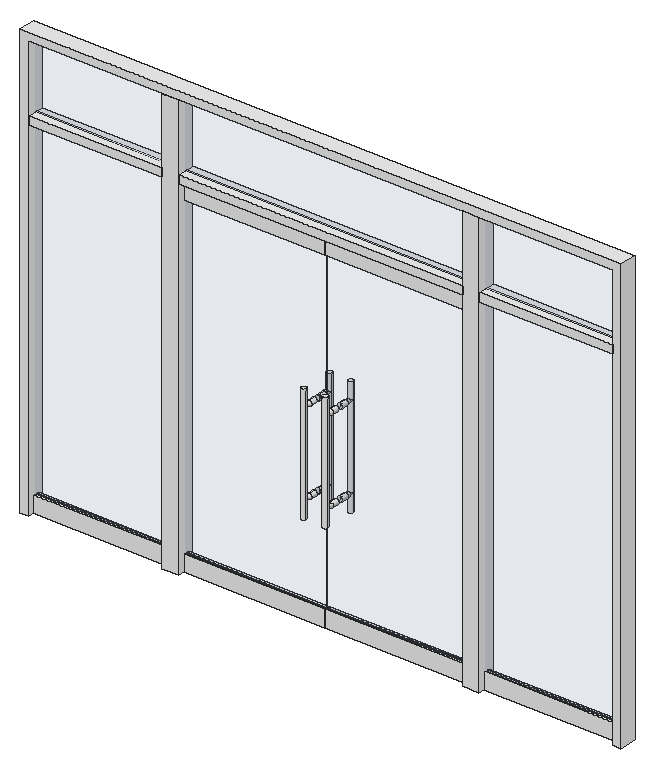
Revit family
Parameters (values of type "SSD2")
  프레임 투영 외부. = 25 mm
  프레임 투영 내부. = 25 mm
  프레임 폭 = 75 mm
  Height = 2600 mm
  Wall Closure = (empty or 0)
  Width = 3600 mm
  문 폭 = 1800 mm
  문 두께 = 100 mm
  문 패널 = SSD2 문 패널
  문 리프 길이 = 1 / 2 * 문 폭 - 50 mm  # 850 mm
  문 높이 = 2100 mm
  문 핸들 = 금속 - 크롬(2)
  문 프레임 = SSD2 문 프레임
Types (3, lengths in mm): name | Width | 문 패널 | 문 핸들 | 문 프레임
  (no name) | 3600 | SSD2 문 패널 | 금속 - 크롬(2) | SSD2 문 프레임
  SSD2 | 3600 | SSD2 문 패널 | 금속 - 크롬(2) | SSD2 문 프레임
  SSD9 | 2400 | SSD9 문 패널 | none | SSD9 문 프레임
Reference planes
  plane 1: y = 0
  plane 2 "왼쪽": x = -2750
  plane 3 "오른쪽": x = 850
  plane 4: z = 2600
  plane 5 "외부": y = 75
  plane 6 "내부": y = -75
  plane 7: x = -1850
  plane 8: x = -2700
  plane 9: x = 800
  plane 10: x = -1900
  plane 11: x = -1800
  plane 12: y = 50
  plane 13: y = -50
  plane 14: z = 2550
  plane 15: z = 2100
  plane 16: z = 2150
  plane 17: z = 2000
  plane 18: z = 100
  plane 19: y = 6
  plane 20: y = -6
  plane 21: y = 16
  plane 22: y = -16
  plane 23: x = -950
  plane 24: x = -1015
  plane 25: x = -885
  plane 26: z = 600
  plane 27: z = 1050
  plane 28: x = -50
  plane 29: x = 0
  plane 30: y = -850
  plane 31: y = 850
Forms (mm)
  Sweep 1, solid, material "SSD2 문 프레임" <- "문 프레임"
    path origin (0, 75, 0) x (1, 0, 0) y (0, 0, 1)
      loop
        line (850, 0) -> (850, 2600) -> (-2750, 2600) -> (-2750, 0)
    profile origin (850, 75, 1300) x (-1, 0, 0) y (0, -1, 0)
      loop
        line (50, 25) -> (50, 125) -> (0, 125) -> (0, 25) -> (50, 25)
  Extrusion 2, solid, material "SSD2 문 프레임" <- "문 프레임"
    sketch origin (-25, 0, 0) x (1, 0, 0) y (0, 1, 0)
      loop
        line (-1875, 50) -> (-1875, -50) -> (-1775, -50) -> (-1775, 50) -> (-1875, 50)
      loop
        line (-75, 50) -> (-75, -50) -> (25, -50) -> (25, 50) -> (-75, 50)
    from 0 to 2550
  Extrusion 3, solid, material "SSD2 문 패널" <- "문 패널"
    sketch origin (0, 0, 0) x (1, 0, 0) y (0, 1, 0)
      loop
        line (-2700, 6) -> (-2700, -6) -> (-1900, -6) -> (-1900, 6) -> (-2700, 6)
      loop
        line (0, 6) -> (0, -6) -> (800, -6) -> (800, 6) -> (0, 6)
    from 0 to 2100
  Extrusion 4, solid, material "SSD2 문 패널" <- "문 패널"
    sketch origin (900, 0, 0) x (1, 0, 0) y (0, 1, 0)
      loop
        line (-2700, 6) -> (-2700, -6) -> (-1850, -6) -> (-1850, 6) -> (-2700, 6)
    from 0 to 2100
  Extrusion 5, solid, material "SSD2 문 패널" <- "문 패널"
    sketch origin (900, 0, 0) x (1, 0, 0) y (0, 1, 0)
      loop
        line (-1850, 6) -> (-1850, -6) -> (-1000, -6) -> (-1000, 6) -> (-1850, 6)
    from 0 to 2100
  Extrusion 6, solid, material "SSD2 문 프레임" <- "문 프레임"
    sketch origin (0, 0, 0) x (1, 0, 0) y (0, 1, 0)
      loop
        line (-2700, 6) -> (-1900, 6) -> (-1900, 16) -> (-2700, 16) -> (-2700, 6)
      loop
        line (-2700, -16) -> (-1900, -16) -> (-1900, -6) -> (-2700, -6) -> (-2700, -16)
      loop
        line (0, 6) -> (800, 6) -> (800, 16) -> (0, 16) -> (0, 6)
      loop
        line (0, -16) -> (800, -16) -> (800, -6) -> (0, -6) -> (0, -16)
    from 0 to 100
  Extrusion 7, solid, material "SSD2 문 프레임" <- "문 프레임"
    sketch origin (900, 0, 0) x (1, 0, 0) y (0, 1, 0)
      loop
        line (-2700, -16) -> (-1850, -16) -> (-1850, -6) -> (-2700, -6) -> (-2700, -16)
      loop
        line (-2700, 6) -> (-1850, 6) -> (-1850, 16) -> (-2700, 16) -> (-2700, 6)
    from 0 to 100
  Extrusion 8, solid, material "SSD2 문 프레임" <- "문 프레임"
    sketch origin (900, 0, 0) x (1, 0, 0) y (0, 1, 0)
      loop
        line (-1850, -16) -> (-1000, -16) -> (-1000, -6) -> (-1850, -6) -> (-1850, -16)
      loop
        line (-1850, 6) -> (-1000, 6) -> (-1000, 16) -> (-1850, 16) -> (-1850, 6)
    from 0 to 100
  Extrusion 9, solid, material "SSD2 문 프레임" <- "문 프레임"
    sketch origin (-2581.693, 300, 2000) x (0, 1, 0) y (1, 0, 0)
      loop
        line (-294, 781.693) -> (-284, 781.693) -> (-284, 1631.693) -> (-294, 1631.693) -> (-294, 781.693)
      loop
        line (-316, 781.693) -> (-306, 781.693) -> (-306, 1631.693) -> (-316, 1631.693) -> (-316, 781.693)
    from 0 to -100
  Extrusion 10, solid, material "SSD2 문 프레임" <- "문 프레임"
    sketch origin (-2581.693, 300, 2000) x (0, 1, 0) y (1, 0, 0)
      loop
        line (-294, 1631.693) -> (-284, 1631.693) -> (-284, 2481.693) -> (-294, 2481.693) -> (-294, 1631.693)
      loop
        line (-316, 1631.693) -> (-306, 1631.693) -> (-306, 2481.693) -> (-316, 2481.693) -> (-316, 1631.693)
    from 0 to -100
  Extrusion 11, solid, material "SSD2 문 패널" <- "문 패널"
    sketch origin (-2581.693, 300, 2100) x (0, 1, 0) y (1, 0, 0)
      loop
        line (-294, -118.307) -> (-294, 681.693) -> (-306, 681.693) -> (-306, -118.307) -> (-294, -118.307)
      loop
        line (-306, 2581.693) -> (-294, 2581.693) -> (-294, 3381.693) -> (-306, 3381.693) -> (-306, 2581.693)
    from -50 to -450
  Extrusion 12, solid, material "SSD2 문 패널" <- "문 패널"
    sketch origin (-2581.693, 300, 2100) x (0, 1, 0) y (1, 0, 0)
      loop
        line (-294, 781.693) -> (-294, 2481.693) -> (-306, 2481.693) -> (-306, 781.693) -> (-294, 781.693)
    from -50 to -450
  Extrusion 13, solid, material "SSD2 문 프레임" <- "문 프레임"
    sketch origin (-2581.693, 300, 2100) x (0, 1, 0) y (1, 0, 0)
      loop
        line (-250, -118.307) -> (-250, 681.693) -> (-350, 681.693) -> (-350, -118.307) -> (-250, -118.307)
      loop
        line (-350, 2581.693) -> (-250, 2581.693) -> (-250, 3381.693) -> (-350, 3381.693) -> (-350, 2581.693)
    from 0 to -50
  Extrusion 14, solid, material "SSD2 문 프레임" <- "문 프레임"
    sketch origin (-2581.693, 300, 2100) x (0, 1, 0) y (1, 0, 0)
      loop
        line (-250, 781.693) -> (-250, 2481.693) -> (-350, 2481.693) -> (-350, 781.693) -> (-250, 781.693)
    from 0 to -50
Lines and regions (mm)
  Opening 1
    outline origin (-3050, -75, 0) x (1, 0, 0) y (0, 0, 1)
      loop
        line (300, 0) -> (3900, 0) -> (3900, 2600) -> (300, 2600) -> (300, 0)
  symbolic lines, style "평면 스윙"
    curve 1: line (-1800, 0, 2100) -> (-1800, 849.962, 2100)
    curve 2: line (-1800, 849.962, 2100) -> (-1768, 849.962, 2100)
    curve 3: line (-1768, 849.962, 2100) -> (-1768, 0, 2100)
    curve 4: line (-1800, 0, 2100) -> (-1800, -850, 2100)
    curve 5: line (-1800, -850, 2100) -> (-1768, -850, 2100)
    curve 6: line (-1768, -850, 2100) -> (-1768, 0, 2100)
    curve 7: line (-100, 0, 2100) -> (-100, 850, 2100)
    curve 8: line (-100, 850, 2100) -> (-131.997, 850, 2100)
    curve 9: line (-131.997, 850, 2100) -> (-131.997, 0, 2100)
    curve 10: line (-100, 0, 2100) -> (-100, -849.967, 2100)
    curve 11: line (-100, -849.967, 2100) -> (-131.997, -849.967, 2100)
    curve 12: line (-131.997, -849.967, 2100) -> (-131.997, 0, 2100)
    curve 13: arc (-1768, 849.962, 2100) -> (-1187.521, 590.109, 2100) -> (-949.836, 0.205, 2100) r 850
    curve 14: arc (-949.836, 0.205, 2100) -> (-712.359, 590.098, 2100) -> (-131.997, 850, 2100) r 849.725
    curve 19: arc (-131.997, -849.967, 2100) -> (-720.624, -581.536, 2100) -> (-950.141, 23.327, 2100) r 850.541
    curve 20: arc (-1800, -850, 2100) -> (-1198.959, -601.041, 2100) -> (-950, 0, 2100) r 850
    curve 21: line (-1800, 50, 2100) -> (-2750, 50, 2100)
    curve 22: line (-1800, -50, 2100) -> (-1800, 50, 2100)
    curve 23: line (-2750, -50, 2100) -> (-1800, -50, 2100)
    curve 24: line (-2750, 50, 2100) -> (-2750, -50, 2100)
    curve 25: line (-2750, 0, 2100) -> (-1800, 0, 2100)
    curve 26: line (850, 50, 2100) -> (-100, 50, 2100)
    curve 27: line (850, -50, 2100) -> (850, 50, 2100)
    curve 28: line (-100, -50, 2100) -> (850, -50, 2100)
    curve 29: line (-100, 50, 2100) -> (-100, -50, 2100)
    curve 30: line (850, 0, 2100) -> (-100, 0, 2100)
  symbolic lines, style "입면도 스윙"
    curve 15: line (-950, 75, 2100) -> (-100, 75, 1050)
    curve 16: line (-100, 75, 1050) -> (-950, 75, 0)
    curve 17: line (-950, 75, 0) -> (-1800, 75, 1050)
    curve 18: line (-1800, 75, 1050) -> (-950, 75, 2100)
Text (mm)
  text "외부" at (-2295.016, 1444.741, 0), in view "참조 레벨"
  text "외부" at (0, 1615.38, 3698.081), in view "왼쪽"
  text "외부" at (0, 1036.032, 3874.932), in view "오른쪽"
Dimensions and locks
  plane 2 "왼쪽" to plane 3 "오른쪽" = 3600 mm
  "Width": plane 2 "왼쪽" to plane 3 "오른쪽"
  "Height": plane 4 to host wall
  "문 높이": host wall to plane 15
  host wall to plane 4 = 2600 mm
  locked: plane 5 "외부" to host wall at 0
  locked: plane 6 "내부" to host wall
  locked: plane 2 "왼쪽" to plane 8 at 50
  plane 10 to plane 7 to plane 11 = 50 mm locked, 50 mm locked
  locked: plane 9 to plane 3 "오른쪽" at 50
  "문 두께": plane 12 to plane 13
  locked: plane 14 to plane 4 at 50
  locked: plane 15 to plane 16 at 50
  locked: plane 17 to plane 15 at 100
  locked: level to plane 18 at 100
  plane 19 to host wall to plane 20 = 6 mm locked, 6 mm locked
  locked: plane 20 to plane 22 at 10
  locked: plane 21 to plane 19 at 10
  locked: Extrusion 6 to plane 26 at 600
  plane 24 to plane 23 to plane 25 = 65 mm locked, 65 mm locked
  locked: curve 4 to curve 6 at 32
  locked: level to plane 27 at 1050
  equal spacing: plane 2 "왼쪽", plane 23, plane 3 "오른쪽"
  curve 10 to plane 28 to plane 29 = 50 mm locked, 50 mm locked
  "문 폭": plane 7 to plane 28
  equal spacing: plane 7, plane 23, plane 28
  plane 15 to plane 4 = 500 mm
  equal spacing: plane 12, plane 1, plane 13
  locked: curve 12 to curve 10 at 31.997
  locked: curve 9 to curve 7 at 31.997
  locked: curve 1 to curve 3 at 32
  "문 리프 길이": plane 30 to host wall
  "문 리프 길이": plane 31 to host wall
  aligned and locked: plane 2 "왼쪽" to Opening 1 sketch curve
  aligned and locked: plane 4 to Opening 1 sketch curve  (x2)
  aligned and locked: Opening 1 sketch curve to plane 3 "오른쪽"
  aligned and locked: Opening 1 sketch curve to level
  aligned and locked: host wall to plane 1
  aligned and locked: Sweep 1 sketch curve to plane 2 "왼쪽"
  aligned and locked: plane 4 to Sweep 1 sketch curve
  aligned and locked: plane 3 "오른쪽" to Sweep 1 sketch curve
  aligned and locked: plane 9 to Sweep 1 sketch curve
  aligned and locked: host wall to Sweep 1 sketch curve
  aligned and locked: Sweep 1 sketch curve to plane 12
  aligned and locked: plane 13 to Sweep 1 sketch curve
  aligned and locked: plane 10 to Extrusion 2 sketch curve
  aligned and locked: Extrusion 2 sketch curve to plane 12  (x2)
  aligned and locked: plane 13 to Extrusion 2 sketch curve  (x2)
  aligned and locked: plane 11 to Extrusion 2 sketch curve
  aligned and locked: plane 14 to Sweep 1
  aligned and locked: Extrusion 2 to plane 14
  aligned and locked: plane 8 to Extrusion 3 sketch curve
  aligned and locked: Extrusion 3 sketch curve to plane 19  (x2)
  aligned and locked: plane 20 to Extrusion 3 sketch curve  (x2)
  aligned and locked: plane 10 to Extrusion 3 sketch curve
  aligned and locked: plane 9 to Extrusion 3 sketch curve
  aligned and locked: plane 11 to Extrusion 4 sketch curve
  aligned and locked: Extrusion 4 sketch curve to plane 19
  aligned and locked: plane 20 to Extrusion 4 sketch curve
  aligned and locked: plane 23 to Extrusion 4 sketch curve
  aligned and locked: Extrusion 4 to Extrusion 5 sketch curve
  aligned and locked: Extrusion 5 sketch curve to Extrusion 4
  aligned and locked: plane 20 to Extrusion 5 sketch curve
  aligned and locked: Extrusion 6 sketch curve to Extrusion 3  (x5)
  aligned and locked: plane 21 to Extrusion 6 sketch curve  (x2)
  aligned and locked: Extrusion 6 sketch curve to plane 10
  aligned and locked: plane 8 to Extrusion 6 sketch curve
  aligned and locked: Extrusion 6 sketch curve to plane 22
  aligned and locked: Extrusion 3 to Extrusion 6 sketch curve  (x2)
  aligned and locked: Extrusion 6 sketch curve to plane 9
  aligned and locked: Extrusion 3 to plane 15
  aligned and locked: plane 18 to Extrusion 6
  aligned and locked: Extrusion 5 to plane 15
  aligned and locked: Extrusion 4 to plane 15
  aligned and locked: plane 11 to Extrusion 7 sketch curve
  aligned and locked: Extrusion 7 sketch curve to plane 22
  aligned and locked: Extrusion 4 to Extrusion 7 sketch curve
  aligned and locked: Extrusion 7 sketch curve to Extrusion 4  (x3)
  aligned and locked: plane 21 to Extrusion 7 sketch curve
  aligned and locked: Extrusion 7 sketch curve to plane 23
  aligned and locked: Extrusion 8 sketch curve to Extrusion 7
  aligned and locked: Extrusion 7 to Extrusion 8 sketch curve
  aligned and locked: Extrusion 5 to Extrusion 8 sketch curve
  aligned and locked: Extrusion 4 to Extrusion 8 sketch curve
  aligned and locked: Extrusion 8 sketch curve to Extrusion 5
  aligned and locked: plane 21 to Extrusion 8 sketch curve
  aligned and locked: plane 18 to Extrusion 8
  aligned and locked: plane 18 to Extrusion 7
  aligned and locked: Extrusion 4 to Extrusion 9 sketch curve
  aligned and locked: Extrusion 9 sketch curve to Extrusion 4  (x2)
  aligned and locked: Extrusion 9 sketch curve to Extrusion 7  (x3)
  aligned and locked: Extrusion 7 to Extrusion 9 sketch curve
  aligned and locked: Extrusion 5 to Extrusion 9 sketch curve
  aligned and locked: Extrusion 10 sketch curve to Extrusion 4
  aligned and locked: Extrusion 4 to Extrusion 10 sketch curve
  aligned and locked: Extrusion 10 sketch curve to Extrusion 8
  aligned and locked: Extrusion 10 sketch curve to Extrusion 7
  aligned and locked: Extrusion 7 to Extrusion 10 sketch curve
  aligned and locked: Extrusion 10 sketch curve to Extrusion 5
  aligned and locked: Extrusion 10 to plane 15
  aligned and locked: Extrusion 9 to plane 15
  aligned and locked: Extrusion 3 to Extrusion 11 sketch curve  (x2)
  aligned and locked: Extrusion 11 sketch curve to Extrusion 3  (x4)
  aligned and locked: Extrusion 11 sketch curve to Extrusion 6
  aligned and locked: Extrusion 12 sketch curve to Extrusion 4
  aligned and locked: Extrusion 12 sketch curve to Extrusion 3
  aligned and locked: Extrusion 12 sketch curve to plane 11
  aligned and locked: Extrusion 11 to Sweep 1
  aligned and locked: plane 16 to Extrusion 11
  aligned and locked: Extrusion 12 to Sweep 1
  aligned and locked: plane 16 to Extrusion 12
  aligned and locked: Extrusion 13 sketch curve to Sweep 1  (x2)
  aligned and locked: plane 12 to Extrusion 13 sketch curve  (x2)
  aligned and locked: Extrusion 2 to Extrusion 13 sketch curve
  aligned and locked: Extrusion 13 sketch curve to Extrusion 2  (x2)
  aligned and locked: Extrusion 14 sketch curve to Extrusion 2  (x2)
  aligned and locked: Extrusion 2 to Extrusion 14 sketch curve
  aligned and locked: Extrusion 13 to plane 16
  aligned and locked: Extrusion 14 to plane 16
  aligned and locked: Extrusion 7 to nested 1
  aligned and locked: Extrusion 8 to nested 2
  aligned and locked: nested 2 to plane 25
  aligned and locked: nested 1 to plane 24
  aligned and locked: nested 3 to Extrusion 7
  aligned and locked: nested 4 to Extrusion 8
  aligned and locked: plane 25 to nested 4
  aligned and locked: plane 24 to nested 3
  aligned and locked: plane 26 to nested 4
  aligned and locked: plane 26 to nested 3
  aligned and locked: nested 2 to plane 26
  aligned and locked: nested 1 to plane 26
  aligned and locked: Extrusion 2 sketch curve to curve 10
  aligned and locked: Extrusion 2 sketch curve to plane 29
  aligned and locked: Extrusion 6 sketch curve to plane 29  (x2)
  aligned and locked: plane 29 to Extrusion 3 sketch curve
  aligned and locked: Extrusion 8 sketch curve to Extrusion 2  (x2)
  aligned and locked: Extrusion 2 to Extrusion 5 sketch curve
  aligned and locked: Extrusion 2 to Extrusion 12 sketch curve
  aligned and locked: curve 4 to Extrusion 2
  aligned and locked: Extrusion 2 to curve 1
  aligned and locked: Extrusion 2 to curve 10
  aligned and locked: curve 7 to Extrusion 2
  aligned and locked: curve 5 to plane 30
  aligned and locked: plane 31 to curve 8
  aligned and locked: plane 27 to curve 18
  aligned and locked: plane 11 to curve 18
  aligned and locked: plane 27 to curve 16
  aligned and locked: Extrusion 5 to curve 16
  aligned and locked: plane 15 to curve 18
  aligned and locked: plane 23 to curve 17
  aligned and locked: level to curve 17
  aligned and locked: curve 1 to curve 21
  aligned and locked: curve 21 to Extrusion 2
  aligned and locked: Sweep 1 to curve 24
  aligned and locked: curve 24 to Sweep 1
  aligned and locked: curve 25 to host wall
  aligned and locked: plane 2 "왼쪽" to curve 25
  aligned and locked: plane 11 to curve 25
  aligned and locked: curve 26 to Sweep 1  (x2)
  aligned and locked: Extrusion 2 to curve 29
  aligned and locked: curve 29 to curve 10
  aligned and locked: plane 1 to curve 30
  aligned and locked: Extrusion 2 to curve 30
  aligned and locked: plane 3 "오른쪽" to curve 30
Automatic sketch dimensions
  Sweep 1 sketch curve to level = 0 mm  (x2)
  Extrusion 6 sketch curve to plane 22 = 0 mm
  Extrusion 6 sketch curve to plane 21 = 0 mm
  Extrusion 11 sketch curve to plane 19 = 0 mm
  curve 15 to plane 23 = 0 mm
  Extrusion 13 sketch curve to plane 29 = 0 mm
  Extrusion 11 sketch curve to plane 29 = 0 mm
  Extrusion 10 sketch curve to plane 28 = 50 mm
  Extrusion 10 sketch curve to Extrusion 10 sketch curve = 0 mm
  Extrusion 14 sketch curve to plane 13 = 0 mm
  curve 28 to plane 13 = 0 mm
  curve 9 to host wall = 0 mm
  curve 6 to host wall = 0 mm
  curve 20 to host wall = 0 mm
  curve 21 to plane 12 = 0 mm
  plane 30 to curve 19 = 0.033 mm
  host wall to curve 19 = 0.031 mm
  curve 13 to host wall = 0.205 mm
  curve 13 to plane 11 = 0.163 mm
  curve 13 to host wall = 0.558 mm
  curve 14 to host wall = 0.874 mm
  plane 23 to curve 19 = 0.141 mm
  plane 21 to curve 19 = 7.327 mm
Nested families
  nested 1: "KO_문 손잡이 유형3" at (-1015, -16, 100), type "핸들 유형3 03 길이700"
  nested 2: "KO_문 손잡이 유형3" at (-885, -16, 100), type "핸들 유형3 03 길이700"
  nested 3: "KO_문 손잡이 유형3" at (-1015, 16, 100), type "핸들 유형3 03 길이700"
  nested 4: "KO_문 손잡이 유형3" at (-885, 16, 100), type "핸들 유형3 03 길이700"
Definition of nested family "KO_문 손잡이 유형3"
  Parameters (values of type "핸들 유형3 01 길이600")
    링크 점 = 100 mm
    링크 재료 = 금속 - 크롬(2)
    핸들 재료 = 금속 - 크롬(2)
    핸들 깊이 = 80 mm
    링크 두께 = 10 mm
    핸들 반지름 = 17.5 mm
    기둥 점 = 500 mm
    핸들 길이 = 600 mm
    Assembly Code = ""
  Types (3, lengths in mm): name | 핸들 반지름 | 핸들 길이
    핸들 유형3 01 길이600 | 17.5 | 600
    핸들 유형3 02 길이650 | 15 | 650
    핸들 유형3 03 길이700 | 15 | 700
  Reference planes
    plane 1 "중심(앞/뒤)": y = 0
    plane 2: z = 0
    plane 3 "중심(왼쪽/오른쪽)": x = 0
    plane 4 "하드웨어": z = 500
    plane 5: z = 1100
  Forms (mm)
    Sweep 1, solid, material "금속 - 크롬(2)" <- "핸들 재료"
      path origin (0, 0, 0) x (0, 1, 0) y (0, 0, 1)
        loop
          line (-80, 1100) -> (-80, 500)
      profile origin (0, 0, 800) x (1, 0, 0) y (0, 1, 0)
        loop
          circle (0, -80) r 17.5
    Revolve 2, solid, material "금속 - 크롬(2)" <- "링크 재료"
      sketch origin (0, 0, 0) x (0, 1, 0) y (0, 0, 1)
        loop
          line (-80, 1000) -> (0, 1000) -> (0, 1015) -> (-40, 1015) -> (-80, 1007.081) -> (-80, 1000)
        axis (-80, 1000) -> (0, 1000)
      angle from 0 to 360
    Revolve 3, solid, material "금속 - 크롬(2)" <- "링크 재료"
      sketch origin (0, 0, 0) x (0, 1, 0) y (0, 0, 1)
        loop
          line (0, 600) -> (0, 615) -> (-40, 615) -> (-80, 607.081) -> (-80, 600) -> (0, 600)
        axis (-80, 600) -> (0, 600)
      angle from 0 to 360
  Dimensions and locks
    "기둥 점": plane 4 "하드웨어" to plane 2
    "핸들 길이": plane 5 to plane 4 "하드웨어"
    "핸들 깊이": Sweep 1 sketch curve to plane 1 "중심(앞/뒤)"
    locked: Revolve 2 sketch curve to Revolve 2 sketch curve at 15
    locked: Revolve 2 sketch curve to Revolve 2 sketch curve at 7.081
    "링크 점": Revolve 2 sketch curve to Sweep 1
    locked: Revolve 3 sketch curve to Revolve 3 sketch curve at 7.081
    locked: Revolve 3 sketch curve to Revolve 3 sketch curve at 15
    "링크 점": plane 4 "하드웨어" to Revolve 3 sketch curve
    equal spacing: Revolve 2 sketch curve, Revolve 2 sketch curve, Revolve 2 sketch curve
    equal spacing: Revolve 3 sketch curve, Revolve 3 sketch curve, Revolve 3 sketch curve
    "핸들 반지름": radius of Sweep 1 sketch curve
    aligned and locked: plane 4 "하드웨어" to Sweep 1 sketch curve
    aligned and locked: plane 5 to Sweep 1 sketch curve
    aligned and locked: Sweep 1 to Revolve 2 sketch curve  (x2)
    aligned and locked: Sweep 1 to Revolve 3 sketch curve
    aligned and locked: Revolve 3 sketch curve to plane 1 "중심(앞/뒤)"
  Automatic sketch dimensions
    Sweep 1 sketch curve to plane 3 "중심(왼쪽/오른쪽)" = 0 mm
    Sweep 1 sketch curve to profile plane = 0 mm
    Revolve 2 sketch curve to Revolve 2 sketch curve = 0 mm  (x2)
    Revolve 2 sketch curve to plane 1 "중심(앞/뒤)" = 70 mm
    Revolve 3 sketch curve to Revolve 3 sketch curve = 0 mm  (x2)
    Revolve 3 sketch curve to Revolve 3 sketch curve = 39.243 mm
    Revolve 2 sketch curve to plane 1 "중심(앞/뒤)" = 0 mm
